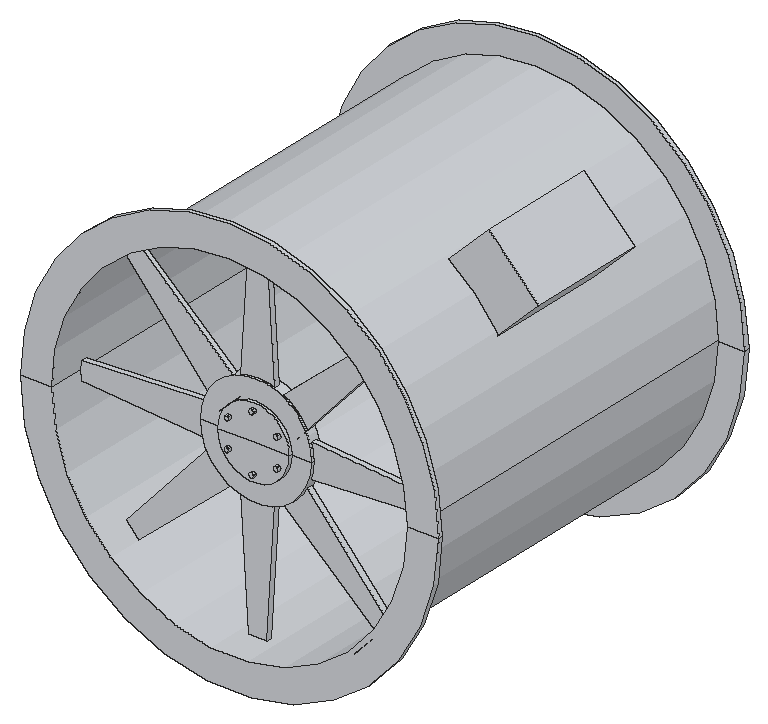
Revit family "CADS_Vent-Axia_MechEquip_Fan_LCA_400_1Ph4P - SUPPLY", category Mechanical Equipment, Revit 2020
Family settings
  Round Connector Dimension = Use Diameter
  Part Type = Normal
  OmniClass Number = 23.75.00.00
  OmniClass Title = Climate Control (HVAC)
  Work Plane-Based = No
  Always vertical = Yes
  Cut with Voids When Loaded = No
  Shared = No
  Room Calculation Point = No
Parameters (values of type "LCA401410")
  nr = NominalDiameter / 2  # 200 mm
  WorkingPressure = 0.0 Pa
  WarrantyStartDate [instance] = "1900-12-31T23:59:59"
  WarrantyPeriod = ""
  WarrantyIdentifier = "N/A"
  WarrantyGuarantorParts = "tech@vent-axia.com"
  WarrantyGuarantorLabor = "tech@vent-axia.com"
  WarrantyGuarantor = "Vent-Axia Limited"
  WarrantyEndDate [instance] = "1900-12-31T23:59:59"
  WarrantyContent = ""
  TemperatureRange = ""
  TagNumber [instance] = "N/A"
  SustainabilityPerformance = ""
  Status = "New"
  Size = ""
  Shape = ""
  ServiceLifeType = ""
  ServiceLifeDuration = ""
  SerialNumber [instance] = "N/A"
  ReplacementCost = ""
  RatedVoltage = 0 V
  RatedCurrent = 0 A
  Quantity = 1
  ProductionYear = ""
  PressureCurve = ""
  PowerFactor = ""
  PointOfContact = ""
  NumberOfPoles = 0
  NominalWidth = 400 mm
  NominalLength = 435 mm
  NominalHeight = 400 mm
  NominalFrequencyRange = ""
  NominalDiameter = 400 mm
  ModelReference = "LCAX 400mm 1PH 4P 10DEG"
  ModelNumber = "LCA401410"
  Material = ""
  ManufacturerE-Mail = "tech@vent-axia.com"
  ManufacturerAddress = "Fleming Way\nCrawley \nRH10 9YX"
  IsExtendedWarranty = no
  InsulationStandardClass = ""
  InstallationDate [instance] = "1900-12-31T23:59:59"
  IfcExportType [instance] = ""
  IfcExportAs = "IfcFanType"
  IP_Code = ""
  HasProtectiveEarth = no
  GrossWeight = 0.00 kg
  Grade = ""
  GlobalTradeItemNumber [instance] = "N/A"
  Fitting Type = "Ignore"
  Finish = ""
  Features = ""
  ExteriorInsulation = no
  ExpectedServiceLife = 0
  Exclusions = ""
  DurationUnit = "Year"
  Default Elevation = 0 mm
  Constituents = ""
  ConductorFunction = ""
  Color = ""
  CodePerformance = ""
  Category = ""
  CADS_Usage = 0
  CADS_Index = 0
  AssetType = "FIXED"
  AssetIdentifier [instance] = "N/A"
  AssemblyPlace = "UNKNOWN"
  ArticleNumber [instance] = "N/A"
  AirflowRateRange = 0.0 L/s
  Air Flow [instance] = 0.0 L/s
  AccessibilityPerformance = ""
Types (16, lengths in mm): name | ModelReference | ModelNumber
  LCA401410 | "LCAX 400mm 1PH 4P 10DEG" | "LCA401410"
  LCA401412 | "LCAX 400mm 1PH 4P 12DEG" | "LCA401412"
  LCA401414 | "LCAX 400mm 1PH 4P 14DEG" | "LCA401414"
  LCA401416 | "LCAX 400mm 1PH 4P 16DEG" | "LCA401416"
  LCA401418 | "LCAX 400mm 1PH 4P 18DEG" | "LCA401418"
  LCA401420 | "LCAX 400mm 1PH 4P 20DEG" | "LCA401420"
  LCA401422 | "LCAX 400mm 1PH 4P 22DEG" | "LCA401422"
  LCA401424 | "LCAX 400mm 1PH 4P 24DEG" | "LCA401424"
  LCA401426 | "LCAX 400mm 1PH 4P 26DEG" | "LCA401426"
  LCA401428 | "LCAX 400mm 1PH 4P 28DEG" | "LCA401428"
  LCA401430 | "LCAX 400mm 1PH 4P 30DEG" | "LCA401430"
  LCA401432 | "LCAX 400mm 1PH 4P 32DEG" | "LCA401432"
  LCA401434 | "LCAX 400mm 1PH 4P 34DEG" | "LCA401434"
  LCA401436 | "LCAX 400mm 1PH 4P 36DEG" | "LCA401436"
  LCA401438 | "LCAX 400mm 1PH 4P 38DEG" | "LCA401438"
  LCA401440 | "LCAX 400mm 1PH 4P 40DEG" | "LCA401440"
Reference planes
  plane 1 "Center (Front/Back)": y = 0
  plane 2: z = 0
  plane 3 "Center (Left/Right)": x = 0
  plane 4: x = -200
  plane 5: x = 200
  plane 6 "F": y = -217.5
  plane 7 "B": y = 217.5
  plane 8: x = -235
  plane 9: y = 212.5
  plane 10: y = -212.5
  plane 11: x = -205
  plane 12: y = -177.5
  plane 13 "top": z = 200
  plane 14: z = -200
  plane 15 "45deg": through (0, -1524, 0) normal (-0.7071, 0, -0.7071)
  plane 16 "C": through (0, -1524, 0) normal (-0.7071, 0, 0.7071)
Forms (mm)
  Revolve 1, solid
    sketch origin (0, 0, 0) x (1, 0, 0) y (0, 1, 0)
      loop
        line (-235, -217.5) -> (-200, -217.5) -> (-200, 217.5) -> (-235, 217.5) -> (-235, 212.5) -> (-205, 212.5) -> (-205, -212.5) -> (-235, -212.5) -> (-235, -217.5)
      axis (0, 217.5) -> (0, -217.5)
    angle from 0 to 360
  Sweep 2, solid
    path origin (0, 0, 0) x (1, 0, 0) y (0, 0, 1)
      loop
        line (141.421, 141.421) -> (187.383, 187.383)
    profile origin (164.402, 0, 164.402) x (-0.707107, 0, 0.707107) y (0, -1, 0)
      loop
        line (37.5, 55) -> (-42.73, 55) -> (-42.73, -79.5) -> (37.5, -79.5) -> (37.5, 55)
Dimensions and locks
  equal spacing: plane 4, plane 3 "Center (Left/Right)", plane 5
  equal spacing: plane 7 "B", plane 1 "Center (Front/Back)", plane 6 "F"
  "NominalLength": plane 7 "B" to plane 6 "F"
  "NominalDiameter": plane 4 to plane 5
  locked: plane 11 to plane 4 at 5
  locked: plane 8 to plane 11 at 30
  locked: plane 6 "F" to plane 10 at 5
  locked: plane 7 "B" to plane 9 at 5
  locked: plane 6 "F" to plane 12 at 40
  equal spacing: plane 13 "top", level, plane 14
  "NominalDiameter": plane 13 "top" to plane 14
  "nr": Sweep 2 sketch curve to nested 13
  Sweep 2 sketch curve to Sweep 2 sketch curve = 65 mm
  aligned and locked: level to plane 2
  aligned and locked: nested 1 to plane 12
Automatic sketch dimensions
  plane 6 "F" to Revolve 1 sketch curve = 0 mm
  Revolve 1 sketch curve to plane 8 = 0 mm  (x2)
  plane 10 to Revolve 1 sketch curve = 0 mm
  Revolve 1 sketch curve to plane 11 = 0 mm
  Revolve 1 sketch curve to plane 4 = 0 mm
  Revolve 1 sketch curve to plane 3 "Center (Left/Right)" = 0 mm
  plane 1 "Center (Front/Back)" to Revolve 1 sketch curve = 0 mm
  Revolve 1 sketch curve to plane 9 = 0 mm
  Revolve 1 sketch curve to plane 7 "B" = 0 mm
  plane 6 "F" to Revolve 1 sketch curve = 115 mm
  plane 1 "Center (Front/Back)" to Sweep 2 sketch curve = 55 mm
  Sweep 2 sketch curve to profile plane = 37.5 mm
  Sweep 2 sketch curve to Sweep 2 sketch curve = 80.23 mm
  Sweep 2 sketch curve to Sweep 2 sketch curve = 134.5 mm
  Sweep 2 sketch curve to plane 16 "C" = 0 mm  (x2)
Nested families
  nested 1: "Fan for ESC" at (0, -177.5, 0), ND <- "NominalDiameter", type "Fan for ESC"
    with hub 40 mm, ND 400 mm, BoltPCD 32 mm, Bolt Count 6, B_Diam 5 mm
  nested 2: "Bolts" at (27.713, -186.672, -16) x (-0.5, 0, -0.866) z (0, 1, 0), type "Bolts"
    with bd 5 mm
  nested 3: "Bolts" at (0, -186.672, -32) x (-1, 0, 0) z (0, 1, 0), type "Bolts"
    with bd 5 mm
  nested 4: "Bolts" at (-27.713, -186.672, -16) x (-0.5, 0, 0.866) z (0, 1, 0), type "Bolts"
    with bd 5 mm
  nested 5: "Bolts" at (-27.713, -186.672, 16) x (0.5, 0, 0.866) z (0, 1, 0), type "Bolts"
    with bd 5 mm
  nested 6: "Bolts" at (27.713, -186.672, 16) x (0.5, 0, -0.866) z (0, 1, 0), type "Bolts"
    with bd 5 mm
  nested 7: "Bolts" at (0, -186.672, 32) x (1, 0, 0) z (0, 1, 0), type "Bolts"
    with bd 5 mm
  nested 8: "ESC Blade" at (0, -177.5, 0), type "ESC Blade"
    with a 20.00°, HR 40 mm, HD 80 mm, BT 20 mm, BR 160 mm, BH 40 mm, BD 400 mm, BB 40 mm
  nested 9: "ESC Blade" at (0, -177.5, 0) x (0.7071, 0, -0.7071) z (0.7071, 0, 0.7071), type "ESC Blade"
    with a 20.00°, HR 40 mm, HD 80 mm, BT 20 mm, BR 160 mm, BH 40 mm, BD 400 mm, BB 40 mm
  nested 10: "ESC Blade" at (0, -177.5, 0) x (0, 0, -1) z (1, 0, 0), type "ESC Blade"
    with a 20.00°, HR 40 mm, HD 80 mm, BT 20 mm, BR 160 mm, BH 40 mm, BD 400 mm, BB 40 mm
  nested 11: "ESC Blade" at (0, -177.5, 0) x (-0.7071, 0, -0.7071) z (0.7071, 0, -0.7071), type "ESC Blade"
    with a 20.00°, HR 40 mm, HD 80 mm, BT 20 mm, BR 160 mm, BH 40 mm, BD 400 mm, BB 40 mm
  nested 12: "ESC Blade" at (0, -177.5, 0) x (-1, 0, 0) z (0, 0, -1), type "ESC Blade"
    with a 20.00°, HR 40 mm, HD 80 mm, BT 20 mm, BR 160 mm, BH 40 mm, BD 400 mm, BB 40 mm
  nested 13: "ESC Blade" at (0, -177.5, 0) x (-0.7071, 0, -0.7071) z (-0.7071, 0, 0.7071), type "ESC Blade"
    with a 20.00°, HR 40 mm, HD 80 mm, BT 20 mm, BR 160 mm, BH 40 mm, BD 400 mm, BB 40 mm
  nested 14: "ESC Blade" at (0, -177.5, 0) x (0, 0, -1) z (-1, 0, 0), type "ESC Blade"
    with a 20.00°, HR 40 mm, HD 80 mm, BT 20 mm, BR 160 mm, BH 40 mm, BD 400 mm, BB 40 mm
  nested 15: "ESC Blade" at (0, -177.5, 0) x (0.7071, 0, -0.7071) z (-0.7071, 0, -0.7071), type "ESC Blade"
    with a 20.00°, HR 40 mm, HD 80 mm, BT 20 mm, BR 160 mm, BH 40 mm, BD 400 mm, BB 40 mm
Connectors
  hvac at (0, -217.5, 0), driven by "NominalDiameter", driven by "Air Flow"
    settings: on Revolve 1, index 1, duct flow 0.0 L/s, flow factor 0, pres drop 0.0 Pa, loss coef 0, conn angle 0.00°, conn width 304.8 mm, conn height 304.8 mm, conn diameter 400 mm, duct sys type 1, conn prof type 0, flow config 1, flow direction 1, loss method 0, conn ref index -1, conn util no, is conn primary yes, conn desc ""
  hvac at (0, 217.5, 0), driven by "NominalDiameter", driven by "Air Flow"
    settings: on Revolve 1, index 2, duct flow 0.0 L/s, flow factor 0, pres drop 0.0 Pa, loss coef 0, conn angle 0.00°, conn width 304.8 mm, conn height 304.8 mm, conn diameter 400 mm, duct sys type 1, conn prof type 0, flow config 0, flow direction 2, loss method 0, conn ref index -1, conn util no, is conn primary no, conn desc ""
Definition of nested family "Fan for ESC"
  Parameters (values of type "Fan for ESC")
    hub [instance] = ND / 10  # 56.7 mm
    ND [instance] = 567 mm
    Model = "."
    Default Elevation = 0 mm
    BoltPCD [instance] = hub - (hub * 0.2)  # 45.36 mm
    Bolt Count [instance] = if(hub < 50 mm, 6, 8)  # 8
    B_Diam [instance] = if(hub < 50 mm, 5 mm, 10 mm)  # 10 mm
  Reference planes
    plane 1 "Center (Front/Back)": y = 0
    plane 2: z = 0
    plane 3 "Center (Left/Right)": x = 0
    plane 4 "back": y = 20
    plane 5 "bolts": y = -9.172
    plane 6 "B": z = 56.7
    plane 7: x = -79.287
    plane 8: x = -56.7
    plane 9 "hubface": y = -6.172
  Forms (mm)
    Revolve 1, solid
      sketch origin (0, 0, 0) x (1, 0, 0) y (0, 1, 0)
        loop
          line (0, 20) -> (-56.7, 20) -> (-56.7, 10.504) -> (-79.287, 10.504) -> (-79.287, -2.597) -> (-56.7, -2.597) -> (-56.7, -6.172) -> (0, -6.172) -> (0, 20)
        axis (0, 20) -> (0, -6.172)
      angle from 0 to 360
    Extrusion 2, solid, not visible
      sketch origin (0, -6.347, -4) x (-1, 0, 0) y (0, 0, 1)
        loop
          circle (0, 84) r 5
      from 0 to 3
  Lines and regions (mm)
    symbolic lines
      curve 1: circle (0, -9.172, 0) r 45.36 normal (0, 1, 0)
    model lines, not visible
      curve 2: line (0, -6.347, 85) -> (0, -6.347, 75)
  Dimensions and locks
    "hub": plane 6 "B" to plane 2
    "hub": nested 3 to plane 3 "Center (Left/Right)"
    "hub": nested 4 to plane 3 "Center (Left/Right)"
    "hub": nested 5 to plane 3 "Center (Left/Right)"
    "hub": plane 3 "Center (Left/Right)" to nested 6
    "hub": Revolve 1 sketch curve to Revolve 1 sketch curve
    "hub": plane 3 "Center (Left/Right)" to nested 7
    "hub": plane 3 "Center (Left/Right)" to nested 8
    "hub": plane 3 "Center (Left/Right)" to nested 9
    "hub": plane 8 to plane 3 "Center (Left/Right)"
    plane 7 to plane 8 = 22.587 mm
    diameter of Extrusion 2 sketch curve = 10 mm
    "BoltPCD": radius of curve 1
    "BoltPCD": radius of radial array
    aligned and locked: level to plane 2
    aligned and locked: plane 6 "B" to nested 1
  Automatic sketch dimensions
    Revolve 1 sketch curve to plane 7 = 0 mm
    Revolve 1 sketch curve to plane 8 = 0 mm  (x2)
    Revolve 1 sketch curve to plane 3 "Center (Left/Right)" = 0 mm
    Revolve 1 sketch curve to plane 9 "hubface" = 0 mm
    plane 4 "back" to Revolve 1 sketch curve = 0 mm
    plane 1 "Center (Front/Back)" to Revolve 1 sketch curve = 2.597 mm
    plane 4 "back" to Revolve 1 sketch curve = 9.496 mm
    Revolve 1 sketch curve to Revolve 1 sketch curve = 5 mm
    Revolve 1 sketch curve to plane 4 "back" = 45 mm
    curve 1 to level = 0 mm
    curve 1 to plane 3 "Center (Left/Right)" = 0 mm
  Nested families
    nested 1: "ESC Blade" at (0, 0, 0), BD <- "ND", HD <- "hub", type "ESC Blade"
      with a 20.00°, HR 56.7 mm, HD 113.4 mm, BT 28.35 mm, BR 226.8 mm, BH 40 mm, BD 567 mm, BB 56.7 mm
    nested 2: "ESC Blade" at (0, 0, 755), BD <- "ND", HD <- "hub", type "ESC Blade", not visible
      with a 20.00°, HR 56.7 mm, HD 113.4 mm, BT 28.35 mm, BR 226.8 mm, BH 40 mm, BD 567 mm, BB 56.7 mm
    nested 3: "ESC Blade" at (0, 0, 0) x (0.7071, 0, -0.7071) z (0.7071, 0, 0.7071), BD <- "ND", HD <- "hub", type "ESC Blade"
      with a 20.00°, HR 56.7 mm, HD 113.4 mm, BT 28.35 mm, BR 226.8 mm, BH 40 mm, BD 567 mm, BB 56.7 mm
    nested 4: "ESC Blade" at (0, 0, 0) x (0, 0, -1) z (1, 0, 0), BD <- "ND", HD <- "hub", type "ESC Blade"
      with a 20.00°, HR 56.7 mm, HD 113.4 mm, BT 28.35 mm, BR 226.8 mm, BH 40 mm, BD 567 mm, BB 56.7 mm
    nested 5: "ESC Blade" at (0, 0, 0) x (-0.7071, 0, -0.7071) z (0.7071, 0, -0.7071), BD <- "ND", HD <- "hub", type "ESC Blade"
      with a 20.00°, HR 56.7 mm, HD 113.4 mm, BT 28.35 mm, BR 226.8 mm, BH 40 mm, BD 567 mm, BB 56.7 mm
    nested 6: "ESC Blade" at (0, 0, 0) x (-1, 0, 0) z (0, 0, -1), BD <- "ND", HD <- "hub", type "ESC Blade"
      with a 20.00°, HR 56.7 mm, HD 113.4 mm, BT 28.35 mm, BR 226.8 mm, BH 40 mm, BD 567 mm, BB 56.7 mm
    nested 7: "ESC Blade" at (0, 0, 0) x (-0.7071, 0, -0.7071) z (-0.7071, 0, 0.7071), BD <- "ND", HD <- "hub", type "ESC Blade"
      with a 20.00°, HR 56.7 mm, HD 113.4 mm, BT 28.35 mm, BR 226.8 mm, BH 40 mm, BD 567 mm, BB 56.7 mm
    nested 8: "ESC Blade" at (0, 0, 0) x (0, 0, -1) z (-1, 0, 0), BD <- "ND", HD <- "hub", type "ESC Blade"
      with a 20.00°, HR 56.7 mm, HD 113.4 mm, BT 28.35 mm, BR 226.8 mm, BH 40 mm, BD 567 mm, BB 56.7 mm
    nested 9: "ESC Blade" at (0, 0, 0) x (0.7071, 0, -0.7071) z (-0.7071, 0, -0.7071), BD <- "ND", HD <- "hub", type "ESC Blade"
      with a 20.00°, HR 56.7 mm, HD 113.4 mm, BT 28.35 mm, BR 226.8 mm, BH 40 mm, BD 567 mm, BB 56.7 mm
    nested 10: "Bolts" at (0, -9.172, 45.36) x (1, 0, 0) z (0, 1, 0), bd <- "B_Diam", type "Bolts"
      with bd 10 mm
    nested 11: "Bolts" at (32.074, -9.172, 32.074) x (0.7071, 0, -0.7071) z (0, 1, 0), bd <- "B_Diam", type "Bolts"
      with bd 10 mm
    nested 12: "Bolts" at (-32.074, -9.172, 32.074) x (0.7071, 0, 0.7071) z (0, 1, 0), bd <- "B_Diam", type "Bolts"
      with bd 10 mm
    nested 13: "Bolts" at (-45.36, -9.172, 0) x (0, 0, 1) z (0, 1, 0), bd <- "B_Diam", type "Bolts"
      with bd 10 mm
    nested 14: "Bolts" at (-32.074, -9.172, -32.074) x (-0.7071, 0, 0.7071) z (0, 1, 0), bd <- "B_Diam", type "Bolts"
      with bd 10 mm
    nested 15: "Bolts" at (0, -9.172, -45.36) x (-1, 0, 0) z (0, 1, 0), bd <- "B_Diam", type "Bolts"
      with bd 10 mm
    nested 16: "Bolts" at (32.074, -9.172, -32.074) x (-0.7071, 0, -0.7071) z (0, 1, 0), bd <- "B_Diam", type "Bolts"
      with bd 10 mm
    nested 17: "Bolts" at (45.36, -9.172, 0) x (0, 0, -1) z (0, 1, 0), bd <- "B_Diam", type "Bolts"
      with bd 10 mm
  Definition of nested family "ESC Blade"
    Parameters (values of type "ESC Blade")
      a [instance] = 20.00°
      HR [instance] = HD / 2  # 30 mm
      HD [instance] = BD / 5  # 60 mm
      Default Elevation = 1219.2 mm
      BT [instance] = BD / 20  # 15 mm
      BR [instance] = (BD / 2) - HR  # 120 mm
      BH [instance] = 40 mm
      BD [instance] = 300 mm
      BB [instance] = BD / 10  # 30 mm
    Reference planes
      plane 1 "Center (Front/Back)": y = 0
      plane 2: z = 0
      plane 3 "Center (Left/Right)": x = 0
      plane 4 "Blade Bot": z = 30
      plane 5: x = -15
      plane 6: x = 15
      plane 7: x = -7.5
      plane 8: x = 7.5
    Forms (mm)
      Blend 1, solid
        base sketch origin (0, 0, 30) x (-1, 0, 0) y (0, -1, 0)
          loop
            line (15, 0) -> (-15, 0) -> (-15, -6) -> (15, -6) -> (15, 0)
        top sketch origin (0, 0, 30) x (-1, 0, 0) y (0, -1, 0)
          loop
            line (7.5, -6) -> (7.5, 0) -> (-7.5, 0) -> (-7.5, -6) -> (7.5, -6)
        from 0 to 120 <- "BR"
    Dimensions and locks
      "HR": plane 4 "Blade Bot" to level
      equal spacing: plane 8, plane 3 "Center (Left/Right)", plane 7
      "BT": plane 8 to plane 7
      equal spacing: plane 6, plane 3 "Center (Left/Right)", plane 5
      "BB": plane 6 to plane 5
      aligned and locked: level to plane 2
    Automatic sketch dimensions
      plane 1 "Center (Front/Back)" to Blend 1 sketch curve = 0 mm  (x2)
      Blend 1 sketch curve to plane 6 = 0 mm
      Blend 1 sketch curve to plane 5 = 0 mm
      Blend 1 sketch curve to plane 1 "Center (Front/Back)" = 6 mm  (x2)
      Blend 1 sketch curve to plane 8 = 0 mm
      Blend 1 sketch curve to plane 7 = 0 mm
  Definition of nested family "Bolts"
    Parameters
      bd [instance] = 10 mm
      Default Elevation = 1219.2 mm
    Reference planes
      plane 1 "Center (Front/Back)": y = 0
      plane 2: z = 0
      plane 3 "Center (Left/Right)": x = 0
    Forms (mm)
      Extrusion 1, solid
        sketch origin (0, 0, 0) x (1, 0, 0) y (0, 1, 0)
          loop
            line (-1219.2, 1219.2) -> (-1219.2, -1219.2) -> (1219.2, -1219.2) -> (1219.2, 1219.2) -> (-1219.2, 1219.2)
        from 0 to -304.8
      Extrusion 2, solid
        sketch origin (0, 0, 0) x (1, 0, 0) y (0, 1, 0)
          loop
            circle (0, 0) r 5
        from 0 to 3
    Dimensions and locks
      "bd": diameter of Extrusion 2 sketch curve
      aligned and locked: plane 2 to Extrusion 1
      aligned and locked: level to Extrusion 1
    Automatic sketch dimensions
      Extrusion 1 sketch curve to Extrusion 1 sketch curve = 2438.4 mm  (x2)
      plane 1 "Center (Front/Back)" to Extrusion 2 sketch curve = 0 mm
      Extrusion 2 sketch curve to plane 3 "Center (Left/Right)" = 0 mm
Definition of nested family "Bolts"
  Parameters
    bd [instance] = 10 mm
    Default Elevation = 1219.2 mm
  Reference planes
    plane 1 "Center (Front/Back)": y = 0
    plane 2: z = 0
    plane 3 "Center (Left/Right)": x = 0
  Forms (mm)
    Extrusion 1, solid
      sketch origin (0, 0, 0) x (1, 0, 0) y (0, 1, 0)
        loop
          line (-1219.2, 1219.2) -> (-1219.2, -1219.2) -> (1219.2, -1219.2) -> (1219.2, 1219.2) -> (-1219.2, 1219.2)
      from 0 to -304.8
    Extrusion 2, solid
      sketch origin (0, 0, 0) x (1, 0, 0) y (0, 1, 0)
        loop
          circle (0, 0) r 5
      from 0 to 3
  Dimensions and locks
    "bd": diameter of Extrusion 2 sketch curve
    aligned and locked: plane 2 to Extrusion 1
    aligned and locked: level to Extrusion 1
  Automatic sketch dimensions
    Extrusion 1 sketch curve to Extrusion 1 sketch curve = 2438.4 mm  (x2)
    plane 1 "Center (Front/Back)" to Extrusion 2 sketch curve = 0 mm
    Extrusion 2 sketch curve to plane 3 "Center (Left/Right)" = 0 mm
Definition of nested family "ESC Blade"
  Parameters (values of type "ESC Blade")
    a [instance] = 20.00°
    HR [instance] = HD / 2  # 30 mm
    HD [instance] = BD / 5  # 60 mm
    Default Elevation = 1219.2 mm
    BT [instance] = BD / 20  # 15 mm
    BR [instance] = (BD / 2) - HR  # 120 mm
    BH [instance] = 40 mm
    BD [instance] = 300 mm
    BB [instance] = BD / 10  # 30 mm
  Reference planes
    plane 1 "Center (Front/Back)": y = 0
    plane 2: z = 0
    plane 3 "Center (Left/Right)": x = 0
    plane 4 "Blade Bot": z = 30
    plane 5: x = -15
    plane 6: x = 15
    plane 7: x = -7.5
    plane 8: x = 7.5
  Forms (mm)
    Blend 1, solid
      base sketch origin (0, 0, 30) x (-1, 0, 0) y (0, -1, 0)
        loop
          line (15, 0) -> (-15, 0) -> (-15, -6) -> (15, -6) -> (15, 0)
      top sketch origin (0, 0, 30) x (-1, 0, 0) y (0, -1, 0)
        loop
          line (7.5, -6) -> (7.5, 0) -> (-7.5, 0) -> (-7.5, -6) -> (7.5, -6)
      from 0 to 120 <- "BR"
  Dimensions and locks
    "HR": plane 4 "Blade Bot" to level
    equal spacing: plane 8, plane 3 "Center (Left/Right)", plane 7
    "BT": plane 8 to plane 7
    equal spacing: plane 6, plane 3 "Center (Left/Right)", plane 5
    "BB": plane 6 to plane 5
    aligned and locked: level to plane 2
  Automatic sketch dimensions
    plane 1 "Center (Front/Back)" to Blend 1 sketch curve = 0 mm  (x2)
    Blend 1 sketch curve to plane 6 = 0 mm
    Blend 1 sketch curve to plane 5 = 0 mm
    Blend 1 sketch curve to plane 1 "Center (Front/Back)" = 6 mm  (x2)
    Blend 1 sketch curve to plane 8 = 0 mm
    Blend 1 sketch curve to plane 7 = 0 mm
